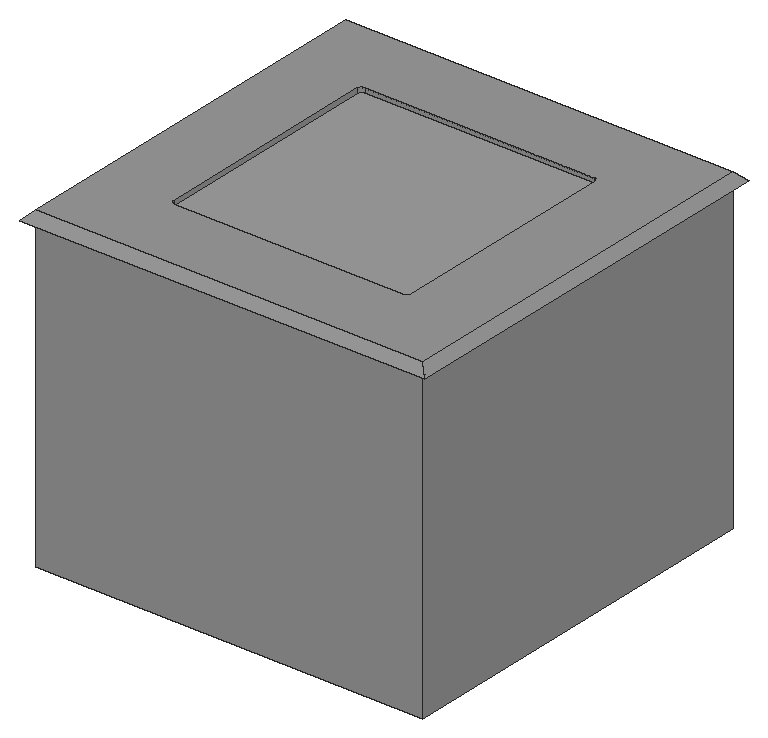
Revit family "4069235", category Lighting Fixtures, host Face, Revit 2017
Family settings
  Host = Face
  Round Connector Dimension = Use Diameter
  Part Type = Normal
  OmniClass Number = 23.80.70.00
  OmniClass Title = Lighting
  Cut with Voids When Loaded = No
  Light Source = Yes
  Shared = No
  Room Calculation Point = No
Parameters (values of type "4069235 PATHE/G/S2 MED 93LM LED 3K")
  Width_SYL = 95 mm
  Weight = "0.655 kg"
  Wattage Comments = ""
  Wattage = 1.5 W
  WarrantyStartDate [instance] = "n/a"
  WarrantyGuarantorParts = "n/a"
  WarrantyDurationUnit = "n/a"
  WarrantyDurationParts = "n/a"
  WarrantyDescription = "n/a"
  built-in parameter 1150110 = 1 (stored number, unit not read)
  Voltage = 230 V
  URL = "http://www.sylvania-lighting.com"
  TypeName = "PATHE/GROUND/SQUARE2 MEDIUM 93LM LED 3K"
  Type Image = <None>
  Type Comments = "n/a"
  built-in parameter 1114217 = 1 (stored number, unit not read)
  Tilt Angle = -90.00°
  built-in parameter 1150109 = 1 (stored number, unit not read)
  built-in parameter 1150134 = (empty or 0)
  built-in parameter 1150113 = 1 (stored number, unit not read)
  SerialNumber [instance] = "n/a"
  Photometric Web File = "4069235.ies"
  Material_3_SYL = none
  PowerFactor = 0
  PowerConsumption = "1.5 W"
  NominalLength = 95 mm
  NominalHeight = 75 mm
  NominalDepth = 95 mm
  Name = "PATHE/GROUND/SQUARE2 MEDIUM 93LM LED 3K"
  ModelReference = Name  # "PATHE/GROUND/SQUARE2 MEDIUM 93LM LED 3K"
  ModelNumber = "4069235"
  Model = Name  # "PATHE/GROUND/SQUARE2 MEDIUM 93LM LED 3K"
  Material = "aluminium housing, uv stabilized pc polycarbonate diffuser"
  ManufacturerName = "Feilo Sylvania"
  Manufacturer = "Feilo Sylvania"
  LuminousEfficacy = "62 lm/W"
  built-in parameter 1150105 = 7.4007 (stored number, unit not read)
  Lumens = 93 lm
  LuminaireType = ""
  built-in parameter 1150115 = 1 (stored number, unit not read)
  LightOutputRatio = "100"
  built-in parameter 1150137 = (empty or 0)
  built-in parameter 1150139 = (empty or 0)
  LampsType = Lamp  # "LED"
  LampNominalLuminous = "93 lm"
  LampMacAdamStep = "n/a"
  LampColourTemperature = "3000 K"
  LampColourRenderingIndex = "80"
  built-in parameter 1150112 = 1 (stored number, unit not read)
  built-in parameter 1150114 = 1 (stored number, unit not read)
  Lamp = "LED"
  Keynote = "16500"
  InstallationDate [instance] = "n/a"
  InputVoltage = "220-240 V AC"
  InputNominalFrequency = "50/60 Hz"
  built-in parameter 1150132 = (empty or 0)
  built-in parameter 1150102 = (empty or 0)
  built-in parameter 1150107 = 3000 (stored number, unit not read)
  built-in parameter 1150138 = (empty or 0)
  IngressProtection = "IP67"
  ImpactProtectionIndex = "IK08"
  built-in parameter 1150106 = 0.074007 (stored number, unit not read)
  IfcExportType = "IfcLightFixtureType"
  IfcExportAs = "IfcLightFixtureType"
  Height_SYL = 75 mm
  HeightAboveGround_SYL = 2 mm
  Emit from Rectangle Width = DiffuserCutOut_SYL  # 55.882 mm
  Emit from Rectangle Length = DiffuserCutOut_SYL  # 55.882 mm
  Emit Shape Visible in Rendering = no
  ElectricShockClassification = "Class I"
  built-in parameter 1150104 = 5.76 (stored number, unit not read)
  DocumentationLiterature = "http://www.sylvania-lighting.com/product/en-int/products/4069235"
  DimmingControlOptions = "Non dimmable"
  Material_2_SYL = Default
  Dimming Lamp Color Temperature Shift = <None>
  DiffuserCutOut_SYL = 55.882 mm
  Description = "Square recessed ground luminaireCorrosion resistant die-cast aluminium, 93lm, 1.5W, 62lm/W, 3000K, CRI80+, 30°, non dimmable, IP67, IK08,  (HxWxD) 95x95x75mm, 3 step MacAdam ellipse, Class I, 220-240V, A++ A+ A"
  Default Elevation = 1219.2 mm
  CreatedOn = "1/21/2020"
  CreatedBy = "@sylvania-lighting.com"
  Cost = 0
  Color Filter = 16777215
  built-in parameter 1114216 [instance] = (empty or 0)
  ClassificationValue = "EF_70_80"
  ClassificationName = "Uniclass2015"
  Material_1_SYL = Aluminum
  ChamferWidth_SYL = HeightAboveGround_SYL  # 2 mm
  BarCode [instance] = "n/a"
  built-in parameter 1114218 = 1 (stored number, unit not read)
  built-in parameter 1150133 = 10 (stored number, unit not read)
  AssetType = "Fixed"
  AssetIdentifier [instance] = "n/a"
  Assembly Code = "D5020200"
  Apparent Load = 1.5 VA
  Material_4_SYL = none
Reference planes
  plane 1 "Center (Front/Back)": y = 0
  plane 2: z = 0
  plane 3 "Center (Left/Right)": x = 0
  plane 4: x = 47.5
  plane 5: x = -47.5
  plane 6: y = 47.5
  plane 7: y = -47.5
  plane 8: x = -27.941
  plane 9: x = 27.941
  plane 10: y = 27.941
  plane 11: y = -27.941
  plane 12: z = 2
  plane 13: x = -45.5
  plane 14: y = 45.5
  plane 15: x = 45.5
  plane 16: y = -45.5
  plane 17: z = -73
  plane 18: z = 1
Forms (mm)
  Extrusion 1, void
    sketch origin (0, 0, 0) x (1, 0, 0) y (0, 1, 0)
      loop
        line (-45.5, 45.5) -> (-45.5, -45.5) -> (45.5, -45.5) -> (45.5, 45.5) -> (-45.5, 45.5)
    from 0 to -73
  Blend 2, solid, material "Aluminum" <- "Material_1_SYL"
    base sketch origin (0, 0, 0) x (1, 0, 0) y (0, 1, 0)
      loop
        line (-47.5, 47.5) -> (-47.5, -47.5) -> (47.5, -47.5) -> (47.5, 47.5) -> (-47.5, 47.5)
    top sketch origin (0, 0, 0) x (1, 0, 0) y (0, 1, 0)
      loop
        line (-45.5, 45.5) -> (-45.5, -45.5) -> (45.5, -45.5) -> (45.5, 45.5) -> (-45.5, 45.5)
    from 0 to 2
  Extrusion 3, void
    sketch origin (0, 0, 0) x (1, 0, 0) y (0, 1, 0)
      loop
        arc (-26.941, 27.941) -> (-27.648, 27.648) -> (-27.941, 26.941) r 1
        line (-27.941, 26.941) -> (-27.941, -26.941)
        arc (-27.941, -26.941) -> (-27.648, -27.648) -> (-26.941, -27.941) r 1
        line (-26.941, -27.941) -> (26.941, -27.941)
        arc (26.941, -27.941) -> (27.648, -27.648) -> (27.941, -26.941) r 1
        line (27.941, -26.941) -> (27.941, 26.941)
        arc (27.941, 26.941) -> (27.648, 27.648) -> (26.941, 27.941) r 1
        line (26.941, 27.941) -> (-26.941, 27.941)
    from 0 to 2
  Extrusion 4, solid, material "Default" <- "Material_2_SYL"
    sketch origin (0, 0, 0) x (1, 0, 0) y (0, 1, 0)
      loop
        line (27.941, -26.941) -> (27.941, 26.941)
        arc (27.941, 26.941) -> (27.648, 27.648) -> (26.941, 27.941) r 1
        line (26.941, 27.941) -> (-26.941, 27.941)
        arc (-26.941, 27.941) -> (-27.648, 27.648) -> (-27.941, 26.941) r 1
        line (-27.941, 26.941) -> (-27.941, -26.941)
        arc (-27.941, -26.941) -> (-27.648, -27.648) -> (-26.941, -27.941) r 1
        line (-26.941, -27.941) -> (26.941, -27.941)
        arc (26.941, -27.941) -> (27.648, -27.648) -> (27.941, -26.941) r 1
    from 0 to 1
  Extrusion 5, solid, material "Aluminum" <- "Material_1_SYL"
    sketch origin (0, 0, 0) x (1, 0, 0) y (0, 1, 0)
      loop
        line (-45.5, 45.5) -> (-45.5, -45.5) -> (45.5, -45.5) -> (45.5, 45.5) -> (-45.5, 45.5)
    from 0 to -73
Cuts and joins
  Extrusion 3 cuts Blend 2
Dimensions and locks
  equal spacing: host sketch curve, plane 3 "Center (Left/Right)", host sketch curve
  equal spacing: host sketch curve, plane 1 "Center (Front/Back)", host sketch curve
  locked: host sketch curve to host sketch curve at 600  (x2)
  equal spacing: plane 5, plane 3 "Center (Left/Right)", plane 4
  "Width_SYL": plane 5 to plane 4
  equal spacing: plane 7, plane 1 "Center (Front/Back)", plane 6
  "Width_SYL": plane 7 to plane 6
  equal spacing: plane 8, plane 3 "Center (Left/Right)", plane 9
  "DiffuserCutOut_SYL": plane 8 to plane 9
  equal spacing: plane 11, plane 1 "Center (Front/Back)", plane 10
  "DiffuserCutOut_SYL": plane 11 to plane 10
  "HeightAboveGround_SYL": plane 12 to plane 2
  equal spacing: plane 13, plane 3 "Center (Left/Right)", plane 15
  "ChamferWidth_SYL": plane 5 to plane 13
  equal spacing: plane 16, plane 1 "Center (Front/Back)", plane 14
  "ChamferWidth_SYL": plane 14 to plane 6
  "Height_SYL": plane 12 to plane 17
  locked: plane 12 to plane 18 at 1
  aligned and locked: plane 2 to host face
  aligned and locked: level to host face
  aligned and locked: plane 14 to Extrusion 1 sketch curve
  aligned and locked: plane 13 to Extrusion 1 sketch curve
  aligned and locked: Extrusion 1 sketch curve to plane 16
  aligned and locked: Extrusion 1 sketch curve to plane 15
  aligned and locked: plane 17 to Extrusion 1
  aligned and locked: level to Extrusion 1
  aligned and locked: plane 6 to Blend 2 sketch curve
  aligned and locked: plane 5 to Blend 2 sketch curve
  aligned and locked: Blend 2 sketch curve to plane 7
  aligned and locked: Blend 2 sketch curve to plane 4
  aligned and locked: plane 14 to Blend 2 sketch curve
  aligned and locked: plane 13 to Blend 2 sketch curve
  aligned and locked: Blend 2 sketch curve to plane 16
  aligned and locked: Blend 2 sketch curve to plane 15
  aligned and locked: Blend 2 to plane 12
  aligned and locked: Blend 2 to level
  aligned and locked: plane 10 to Extrusion 3 sketch curve
  aligned and locked: plane 8 to Extrusion 3 sketch curve
  aligned and locked: Extrusion 3 sketch curve to plane 11
  aligned and locked: Extrusion 3 sketch curve to plane 9
  aligned and locked: Extrusion 3 to plane 12
  aligned and locked: Extrusion 3 to level
  aligned and locked: Extrusion 4 sketch curve to cut or joined group of Blend 2, Extrusion 3  (x4)
  aligned and locked: Extrusion 4 to plane 18
  aligned and locked: Extrusion 4 to level
  aligned and locked: Extrusion 5 sketch curve to cut or joined group of Blend 2, Extrusion 3  (x4)
  aligned and locked: level to Extrusion 5
  aligned and locked: plane 17 to Extrusion 5
Automatic sketch dimensions
  plane 8 to Extrusion 3 sketch curve = 1 mm  (x2)
  Extrusion 3 sketch curve to plane 9 = 1 mm  (x2)
Connectors
  electrical at (0, 0, -73), driven by "PowerFactor", driven by "Apparent Load", driven by "Voltage"
    settings: on Extrusion 5, index 1, voltage 230 V, apparent load 0 VA, apparent load phase1 1.5 VA, apparent load phase2 0 VA, apparent load phase3 0 VA, power factor 0, load classification "Other", number of poles 1, system type 31, power factor state 1, is connector primary yes, connector utility no, sub classification motor no, connector description ""
